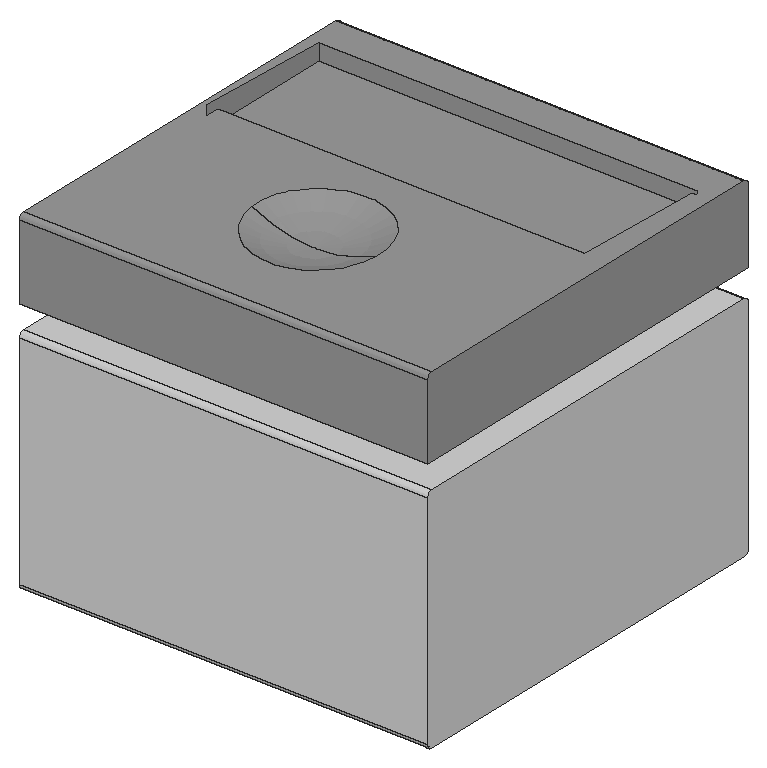
Revit family "Domotics-DomesticRanges-GEWISS-SYSTEM_COMMAND-PUSH-BUTTON_NAME_PLATE", category Apparecchi elettrici, host Superficie, Revit 2016
Family settings
  Host = Superficie
  Mantenere orientamento annotazione = Sì
  Tipo di parte = Normale
  Quota connettore circolare = Usa diametro
  Numero OmniClass = 23.80.50.11.14
  Titolo OmniClass = Switches
  Taglio con vuoti quando caricato = Sì
  Condiviso = Sì
  Punto di calcolo locali = Sì
Parameters (values of type "GW21591 - Push-button-name plate 2M illum.black")
  Voltage: = "250 V ac"
  Voltage = "250 V ac"
  Volt = 230 V
  Vista di pianta [instance] = yes
  Version file RFA = "19.4"
  URL = "https://www.gewiss.com/ww/en"
  Type: = "Name plate"
  Type of lamp = "Cartridge lamp S6x36 mm"
  Type = "Illuminable"
  Tipo_ = SYSTEM PULSANTI TARGA_BASE : NERO 2P
  Technical sheet = "https://www.gewiss.com/ww/en/search?q=GW21591"
  Simbolo = SIMBOLO PULSANTI : TARGA
  SIMBOLO [instance] = yes
  SEO = "Push button"
  Realized by GEWISS S.p.A. = ""
  Produttore = "GEWISS S.p.A."
  Offset pulsante [instance] = 0 mm
  Offset bidimensionale [instance] = 2 mm
  No. SYSTEM modules = "2"
  N. poli = 1
  Modello = "GW21591"
  Larghezza pulsante = 46 mm
  Lamp voltage: = "12-24V"
  Lamp voltage = "12-24V ac/dc"
  Lamp power = "2W"
  Lamp = "Cartridge lamp S6x36 mm"
  IFC.TypeObject = ""
  IFC.ExportType = ""
  IFC.ExportAs = ""
  IDT = "acf20124-4b05-42a8-9547-f2406c89ff56"
  IDF = "809d39ac-d065-436b-a420-7a8d7026f49b"
  Electrocod = "0130"
  EAN code = "8011564128194"
  Distanza_x [instance] = 0 mm
  Distanza_effettiva_x [instance] = 1500 mm - Distanza_x  # 1500 mm
  Default Elevation = 1219.2 mm
  Immagine tipo = GW21591.jpg
  Descrizione = "PUSH-BUTTON-NAME PLATE 2M ILLUM.SY/BK"
  Description: = "1P NO - 10A"
  Description. = "Push-button with name plate"
  Colour = "Black"
  Catalogue Range = "SYSTEM - DOMESTIC RANGE"
  Catalogue = "DOMOTICS"
  Carico apparente = 0 VA
  COBie.Tagnumber = ""
  COBie.CreatedOn = ""
  COBie.CreatebBy = ""
  COBie.ComponentRegisterItemID = ""
  COBie.Component.TagNumber = ""
  COBie.Component.Space = ""
  COBie.Component.SerialNumber = ""
  COBie.Component.InstallationDate = ""
  COBie.Component.Description = ""
  COBie.Component.BarCode = ""
  Bidimensionale = BIDIMENSIONALE SYSTEM PULSANTE TARGA : 2P
Types (4, lengths in mm): name | Tipo_ | Technical sheet | No. SYSTEM modules | Modello | Larghezza pulsante | IDT | EAN code | Immagine tipo | Descrizione | Colour | Bidimensionale
  GW20024 - Push-button-name plate 3M illum.white | SYSTEM PULSANTI TARGA_BASE : BIANCO 3P | "https://www.gewiss.com/ww/en/search?q=GW20024" | "3" | "GW20024" | 69 | "78bcbdfa-b7b6-4cfa-bead-58ad2d1fb41a" | "8011564000346" | GW20024.jpg | "PUSH-BUTTON-NAME PLATE 3M ILLUM.SY/WT" | "White" | BIDIMENSIONALE SYSTEM PULSANTE TARGA : 3P
  GW20591 - Push-button-name plate 2M illum.white | SYSTEM PULSANTI TARGA_BASE : BIANCO 2P | "https://www.gewiss.com/ww/en/search?q=GW20591" | "2" | "GW20591" | 46 | "3122636b-d880-4fd5-a840-09e9bc484eae" | "8011564077379" | GW20591.jpg | "PUSH-BUTTON-NAME PLATE 2M ILLUM.SY/WT" | "White" | BIDIMENSIONALE SYSTEM PULSANTE TARGA : 2P
  GW21024 - Push-button-name plate 3M illum.black | SYSTEM PULSANTI TARGA_BASE : NERO 3P | "https://www.gewiss.com/ww/en/search?q=GW21024" | "3" | "GW21024" | 69 | "a7fdca59-c0ce-4ef8-8154-61aea7f242cd" | "8011564128200" | GW21024.jpg | "PUSH-BUTTON-NAME PLATE 3M ILLUM.SY/BK" | "Black" | BIDIMENSIONALE SYSTEM PULSANTE TARGA : 3P
  GW21591 - Push-button-name plate 2M illum.black | SYSTEM PULSANTI TARGA_BASE : NERO 2P | "https://www.gewiss.com/ww/en/search?q=GW21591" | "2" | "GW21591" | 46 | "acf20124-4b05-42a8-9547-f2406c89ff56" | "8011564128194" | GW21591.jpg | "PUSH-BUTTON-NAME PLATE 2M ILLUM.SY/BK" | "Black" | BIDIMENSIONALE SYSTEM PULSANTE TARGA : 2P
Reference planes
  plane 1 "Centro (Fronte/Retro)": y = 0
  plane 2: z = 0
  plane 3 "Centro (Sinistra/Destra)": x = 0
  plane 4: z = 0
  plane 5 "piano bidimensionale": z = 38.414
  plane 6: x = -23
  plane 7: x = 23
  plane 8: z = 39
  plane 9: x = -1500
  plane 10: x = 0
  plane 11: z = 36.414
Lines and regions (mm)
  Masking region 1, visible <- "Vista di pianta"
    outline origin (0, 0, 0) x (1, 0, 0) y (0, 0, 1)
      loop
        line (-23, 38.919) -> (-23, 0) -> (23, 0) -> (23, 38.919) -> (-23, 38.919)
  Masking region 2, visible <- "Vista di pianta"
    outline origin (0, 0, 0) x (1, 0, 0) y (0, 1, 0)
      loop
        line (-23, 22.5) -> (-23, -22.5) -> (23, -22.5) -> (23, 22.5) -> (-23, 22.5)
      loop
        line (-21.324, 17.491) -> (-21.324, 1.676) -> (21.324, 1.676) -> (21.324, 17.491) -> (-21.324, 17.491)
  Masking region 3, visible <- "Vista di pianta"
    outline origin (0, 0, 0) x (0, 1, 0) y (0, 0, 1)
      loop
        line (-22.509, 36.414) -> (-22.509, 0) -> (22.509, 0) -> (22.509, 36.414) -> (-22.509, 36.414)
Dimensions and locks
  "Offset pulsante": plane 4 to host face
  "Larghezza pulsante": plane 6 to plane 7
  equal spacing: plane 6, plane 3 "Centro (Sinistra/Destra)", plane 7
  locked: plane 8 to plane 4 at 39
  plane 9 to plane 3 "Centro (Sinistra/Destra)" = 1500 mm
  "Distanza_effettiva_x": plane 9 to plane 10
  plane 11 to plane 4 = 36.414 mm
  "Offset bidimensionale": plane 5 "piano bidimensionale" to plane 11
  aligned and locked: plane 2 to host face
  aligned and locked: level to host face
  aligned and locked: plane 3 "Centro (Sinistra/Destra)" to nested 1
  aligned and locked: plane 1 "Centro (Fronte/Retro)" to nested 2
  aligned and locked: plane 5 "piano bidimensionale" to nested 1
  aligned and locked: nested 2 to plane 4
  aligned and locked: nested 2 to nested 1
  aligned and locked: Masking region 1 sketch curve to nested 2  (x2)
  aligned and locked: plane 4 to Masking region 1 sketch curve
  aligned and locked: plane 10 to nested 3
  aligned and locked: Masking region 2 sketch curve to nested 1  (x7)
  aligned and locked: Masking region 3 sketch curve to nested 2  (x3)
  aligned and locked: plane 4 to Masking region 3 sketch curve
  aligned and locked: plane 11 to nested 2
Automatic sketch dimensions
  host sketch curve to host sketch curve = 2438.4 mm  (x2)
  Masking region 1 sketch curve to plane 8 = 0.081 mm
  Masking region 2 sketch curve to plane 7 = 0 mm
Nested families
  nested 1: "BIDIMENSIONALE SYSTEM PULSANTE TARGA" at (0, 0, 38.414), type <- "Bidimensionale", type "2P", detail levels coarse
  nested 2: "SYSTEM PULSANTI TARGA_BASE" at (0, 0, 0), type <- "Tipo_", type "NERO 2P", detail levels medium+fine
  nested 3: "SIMBOLO PULSANTI" at (0, 100, 0), type <- "Simbolo", SIMBOLO <- "SIMBOLO", visible <- "SIMBOLO", type "TARGA"
    with TESTO ELETTRICO "", SIMBOLO yes, Distanza dal muro 4.208 mm, BORDO ACCESO no
Connectors
  electrical at (0, 0, 20), driven by "N. poli", driven by "Volt", driven by "Carico apparente"
    settings: on nested 2, index 1, voltage 230 V, apparent load 0 VA, apparent load phase1 0 VA, apparent load phase2 0 VA, apparent load phase3 0 VA, power factor 1, load classification "Other", number of poles 1, system type 31, power factor state 1, is connector primary yes, connector utility no, sub classification motor no, connector description ""
Definition of nested family "SYSTEM PULSANTI TARGA_BASE"
  Parameters (values of type "BIANCO 2P")
    Vetrino = none
    Supporto = none
    Struttura = none
    Pulsante = none
    Profondità supporto = 26 mm  # constant formula
    Larghezza pulsante = 46 mm
    Bidimensionale = 36.414 mm
    Altezza pulsante = 45 mm
    3P = no
    2P = yes
  Types (4, lengths in mm): name | Larghezza pulsante | Altezza pulsante | 3P | 2P
    NERO 2P | 46 | 45.018 | no | yes
    BIANCO 3P | 69 | 45.018 | yes | no
    BIANCO 2P | 46 | 45 | no | yes
    NERO 3P | 69 | 45 | yes | no
  Reference planes
    plane 1 "Centro (Fronte/Retro)": y = 0
    plane 2: z = 0
    plane 3 "Centro (Sinistra/Destra)": x = 0
    plane 4: y = -22.5
    plane 5: y = 22.5
    plane 6: x = -23
    plane 7: x = 23
    plane 8 "PIANO BIDIMENSIONALE": z = 36.414
    plane 9: x = -21.324
    plane 10: x = 21.324
    plane 11: y = 1.676
    plane 12: y = 17.491
    plane 13: z = 26
    plane 14: x = -7.432
    plane 15: x = 7.432
    plane 16 "REVOLVE": y = -9.794
    plane 17: y = -17.491
  Forms (mm)
    Extrusion 1, solid, material <- "Pulsante", visible <- "2P", detail levels medium+fine
      sketch origin (0, 0, 0) x (0, 1, 0) y (0, 0, 1)
        loop
          line (-22.5, 37.418) -> (-22.5, 28.918) -> (3, 28.918) -> (22.5, 28.918) -> (22.5, 37.418)
          arc (22.5, 37.418) -> (22.354, 37.772) -> (22, 37.918) r 0.5
          arc (22, 37.918) -> (0, 38.919) -> (-22, 37.918) r 242.438
          arc (-22, 37.918) -> (-22.354, 37.772) -> (-22.5, 37.418) r 0.5
      from -23 to 23
    Extrusion 2, void
      sketch origin (0, 0, 36.414) x (-1, 0, 0) y (0, -1, 0)
        loop
          line (21.324, -17.491) -> (21.324, -1.676) -> (-21.324, -1.676) -> (-21.324, -17.491) -> (21.324, -17.491)
      from 0 to 8.318
    Extrusion 3, solid, material <- "Struttura", detail levels medium+fine
      sketch origin (0, 0, 0) x (0, 1, 0) y (0, 0, 1)
        loop
          line (22.5, 0.5) -> (22.5, 25.5)
          arc (22.5, 25.5) -> (22.354, 25.854) -> (22, 26) r 0.5
          line (22, 26) -> (-22, 26)
          arc (-22, 26) -> (-22.354, 25.854) -> (-22.5, 25.5) r 0.5
          line (-22.5, 25.5) -> (-22.5, 0.5)
          arc (-22.5, 0.5) -> (-22.354, 0.146) -> (-22, 0) r 0.5
          line (-22, 0) -> (22, 0)
          arc (22, 0) -> (22.354, 0.146) -> (22.5, 0.5) r 0.5
      from -23 to 23
    Revolve 4, void
      sketch origin (0, -9.794, 0) x (-1, 0, 0) y (0, 0, 1)
        loop
          line (7.432, 38.913) -> (0, 38.913) -> (0, 37.066)
          arc (0, 37.066) -> (3.834, 37.513) -> (7.432, 38.913) r 15.188
        axis (0, 37.066) -> (0, 38.913)
      angle from 0 to 360
    Extrusion 5, solid, material <- "Pulsante", visible <- "3P", detail levels medium+fine
      sketch origin (0, 0, 0) x (0, 1, 0) y (0, 0, 1)
        loop
          line (-22.5, 37.418) -> (-22.5, 28.918) -> (3.009, 28.918) -> (22.518, 28.918) -> (22.518, 37.418)
          arc (22.518, 37.418) -> (22.372, 37.772) -> (22.018, 37.918) r 0.5
          arc (22.018, 37.918) -> (0.009, 38.919) -> (-22, 37.918) r 242.439
          arc (-22, 37.918) -> (-22.354, 37.772) -> (-22.5, 37.418) r 0.5
      from -23 to 23
  Cuts and joins
    Extrusion 2, Revolve 4 cuts Extrusion 1
    Extrusion 2 cuts Extrusion 5
  Lines and regions (mm)
    Masking region 1
      outline origin (0, 0, 36.414) x (-1, 0, 0) y (0, -1, 0)
        loop
          line (23, -22.5) -> (23, 22.5) -> (-23, 22.5) -> (-23, -22.5) -> (23, -22.5)
    Masking region 2, visible <- "2P"
      outline origin (0, 0, 36.414) x (-1, 0, 0) y (0, -1, 0)
        loop
          line (23, -22.5) -> (23, 22.5) -> (-23, 22.5) -> (-23, -22.5) -> (23, -22.5)
        loop
          line (21.324, -17.491) -> (21.324, -1.676) -> (-21.324, -1.676) -> (-21.324, -17.491) -> (21.324, -17.491)
        loop
          spline (7.093, 9.645) -> (6.732, 11.368) -> (5.959, 12.949) -> (4.821, 14.292) -> (3.388, 15.315) -> (1.748, 15.955) -> (0, 16.173) -> (-1.748, 15.955) -> (-3.388, 15.315) -> (-4.822, 14.292) -> (-5.959, 12.949) -> (-6.732, 11.367) -> (-7.093, 9.645)
          spline (-7.093, 9.645) -> (-6.896, 7.77) -> (-6.212, 6.014) -> (-5.09, 4.499) -> (-3.607, 3.333) -> (-1.869, 2.6) -> (0, 2.349) -> (1.87, 2.6) -> (3.607, 3.334) -> (5.09, 4.499) -> (6.213, 6.014) -> (6.896, 7.771) -> (7.093, 9.645)
    Masking region 3, visible <- "2P"
      outline origin (0, 0, 36.414) x (-1, 0, 0) y (0, -1, 0)
        loop
          line (21.324, -17.491) -> (21.324, -1.676) -> (-21.324, -1.676) -> (-21.324, -17.491) -> (21.324, -17.491)
    Masking region 4, visible <- "3P"
      outline origin (0, 0, 36.414) x (-1, 0, 0) y (0, -1, 0)
        loop
          line (23, -22.5) -> (23, 22.5) -> (-23, 22.5) -> (-23, -22.5) -> (23, -22.5)
        loop
          line (21.324, -17.491) -> (21.324, 17.491) -> (-21.324, 17.491) -> (-21.324, -17.491) -> (21.324, -17.491)
    Masking region 5, visible <- "3P"
      outline origin (0, 0, 36.414) x (-1, 0, 0) y (0, -1, 0)
        loop
          line (21.324, -17.491) -> (21.324, 17.491) -> (-21.324, 17.491) -> (-21.324, -17.491) -> (21.324, -17.491)
    Masking region 6, visible <- "2P"
      outline origin (0, 0, 36.414) x (-1, 0, 0) y (0, -1, 0)
        loop
          arc (7.094, 9.642) -> (0, 16.173) -> (-7.094, 9.641) r 7.118
          arc (-7.094, 9.641) -> (0, 2.348) -> (7.094, 9.642) r 7.096
  Dimensions and locks
    equal spacing: plane 4, plane 1 "Centro (Fronte/Retro)", plane 5
    plane 4 to plane 5 = 45 mm
    equal spacing: plane 6, plane 3 "Centro (Sinistra/Destra)", plane 7
    "Larghezza pulsante": plane 6 to plane 7
    equal spacing: plane 5, plane 1 "Centro (Fronte/Retro)", plane 4
    "Altezza pulsante": plane 5 to plane 4
    "Bidimensionale": plane 8 "PIANO BIDIMENSIONALE" to level
    equal spacing: plane 9, plane 3 "Centro (Sinistra/Destra)", plane 10
    locked: plane 5 to plane 12 at 5.009
    locked: plane 6 to plane 9 at 1.676
    "Profondità supporto": plane 13 to plane 2
    equal spacing: plane 12, plane 1 "Centro (Fronte/Retro)", plane 17
    aligned and locked: level to plane 2
    aligned and locked: Extrusion 1 to plane 6
    aligned and locked: plane 7 to Extrusion 1
    aligned and locked: Masking region 2 sketch curve to cut or joined group of Extrusion 1, Extrusion 2, Revolve 4  (x4)
    aligned and locked: Masking region 3 sketch curve to cut or joined group of Extrusion 1, Extrusion 2, Revolve 4  (x3)
    aligned and locked: Extrusion 1 sketch curve to plane 5
    aligned and locked: Extrusion 3 to plane 4
    aligned and locked: plane 5 to Extrusion 3
    aligned and locked: Extrusion 3 to plane 6
    aligned and locked: plane 7 to Extrusion 3
    aligned and locked: plane 7 to Extrusion 5
    aligned and locked: Extrusion 5 to plane 6
    aligned and locked: Masking region 2 to plane 12
    aligned and locked: plane 12 to Masking region 3
    aligned and locked: Masking region 4 sketch curve to Masking region 1  (x4)
    aligned and locked: Masking region 4 sketch curve to cut or joined group of Extrusion 1, Extrusion 2, Revolve 4
    aligned and locked: Masking region 5 sketch curve to cut or joined group of Extrusion 1, Extrusion 2, Revolve 4
    aligned and locked: Masking region 5 sketch curve to cut or joined group of Extrusion 2, Extrusion 5
  Automatic sketch dimensions
    Masking region 1 sketch curve to plane 5 = 0 mm
    Masking region 1 sketch curve to plane 7 = 0 mm
    Masking region 1 sketch curve to plane 4 = 0 mm
    Masking region 1 sketch curve to plane 6 = 0 mm
    Extrusion 2 sketch curve to plane 10 = 0 mm
    Extrusion 2 sketch curve to plane 9 = 0 mm
    Extrusion 2 sketch curve to plane 12 = 0 mm
    plane 11 to Extrusion 2 sketch curve = 0 mm
    Masking region 2 sketch curve to plane 5 = 0 mm
    Masking region 2 sketch curve to plane 7 = 0 mm
    Masking region 2 sketch curve to plane 6 = 0 mm
    Masking region 2 sketch curve to plane 4 = 0 mm
    Masking region 3 sketch curve to plane 12 = 0 mm
    Extrusion 3 sketch curve to plane 4 = 0 mm
    Extrusion 3 sketch curve to level = 0 mm
    Extrusion 3 sketch curve to plane 13 = 0 mm
    Extrusion 3 sketch curve to plane 5 = 0 mm
    level to Extrusion 3 sketch curve = 0.5 mm  (x2)
    plane 4 to Extrusion 3 sketch curve = 0.5 mm
    Extrusion 3 sketch curve to Extrusion 3 sketch curve = 0.5 mm
    Revolve 4 sketch curve to plane 3 "Centro (Sinistra/Destra)" = 0 mm  (x2)
    Revolve 4 sketch curve to plane 14 = 0 mm
    Revolve 4 sketch curve to plane 3 "Centro (Sinistra/Destra)" = 0.172 mm
    plane 8 "PIANO BIDIMENSIONALE" to Revolve 4 sketch curve = 0.652 mm
    Revolve 4 sketch curve to Revolve 4 sketch curve = 1.847 mm
    Revolve 4 sketch curve to Revolve 4 sketch curve = 0 mm  (x2)
    Masking region 2 sketch curve to plane 15 = 0.315 mm
    plane 16 "REVOLVE" to Masking region 2 sketch curve = 0.149 mm
    Masking region 2 sketch curve to Masking region 2 sketch curve = 0.024 mm
    Masking region 2 sketch curve to plane 3 "Centro (Sinistra/Destra)" = 0 mm  (x2)
    plane 14 to Masking region 2 sketch curve = 0.336 mm
    Masking region 2 sketch curve to Masking region 2 sketch curve = 0.583 mm
    Masking region 2 sketch curve to Masking region 2 sketch curve = 0.377 mm
    Masking region 6 sketch curve to plane 3 "Centro (Sinistra/Destra)" = 0 mm  (x2)
    plane 16 "REVOLVE" to Masking region 6 sketch curve = 0.739 mm
    plane 16 "REVOLVE" to Masking region 6 sketch curve = 0.35 mm
    plane 16 "REVOLVE" to Masking region 6 sketch curve = 0.153 mm
    Masking region 6 sketch curve to plane 15 = 0.338 mm
    Extrusion 5 sketch curve to plane 4 = 0 mm
    plane 4 to Extrusion 5 sketch curve = 0.5 mm
    Extrusion 5 sketch curve to plane 1 "Centro (Fronte/Retro)" = 0.009 mm
    Extrusion 5 sketch curve to plane 5 = 0.482 mm
    plane 5 to Extrusion 5 sketch curve = 0.018 mm
    Extrusion 5 sketch curve to level = 203.52 mm
    plane 13 to Extrusion 5 sketch curve = 2.918 mm
    plane 8 "PIANO BIDIMENSIONALE" to Extrusion 5 sketch curve = 1.004 mm
    Extrusion 5 sketch curve to plane 11 = 1.333 mm
    Extrusion 1 sketch curve to plane 4 = 0 mm
    Extrusion 1 sketch curve to plane 1 "Centro (Fronte/Retro)" = 0 mm
    plane 4 to Extrusion 1 sketch curve = 0.5 mm
    Extrusion 1 sketch curve to Extrusion 1 sketch curve = 0.5 mm
    Extrusion 1 sketch curve to level = 203.52 mm
    plane 13 to Extrusion 1 sketch curve = 2.918 mm
    plane 8 "PIANO BIDIMENSIONALE" to Extrusion 1 sketch curve = 1.004 mm
    Extrusion 1 sketch curve to plane 11 = 1.324 mm
    Masking region 4 sketch curve to plane 10 = 0 mm
    plane 17 to Masking region 4 sketch curve = 0 mm
    plane 17 to Masking region 5 sketch curve = 0 mm
    Masking region 4 sketch curve to plane 9 = 0 mm
    Masking region 5 sketch curve to plane 9 = 0 mm
Definition of nested family "BIDIMENSIONALE SYSTEM PULSANTE TARGA"
  Parameters (values of type "2P")
    Larghezza pulsante = 46 mm
    Altezza vetro = 15.815 mm
    2P = yes
  Types (2, lengths in mm): name | Larghezza pulsante | Altezza vetro | 2P
    2P | 46 | 15.815 | yes
    3P | 69 | 35 | no
  Reference planes
    plane 1 "Centro (Fronte/Retro)": y = 0
    plane 2: z = 0
    plane 3 "Centro (Sinistra/Destra)": x = 0
    plane 4: x = -23
    plane 5: x = 23
    plane 6: y = 22.5
    plane 7: y = -22.5
    plane 8: x = -21.324
    plane 9: x = 21.324
    plane 10: y = 17.491
    plane 11: y = 1.676
    plane 12: y = -17.491
  Lines and regions (mm)
    model lines
      curve 1: line (-23, 22.5, 0) -> (23, 22.5, 0)
      curve 2: line (-23, -22.5, 0) -> (-23, 22.5, 0)
      curve 3: line (23, -22.5, 0) -> (-23, -22.5, 0)
      curve 4: line (23, 22.5, 0) -> (23, -22.5, 0)
      curve 5: line (-21.324, 17.491, 0) -> (21.324, 17.491, 0)
      curve 6: line (-21.324, 1.676, 0) -> (-21.324, 17.491, 0)
      curve 7: line (21.324, 1.676, 0) -> (-21.324, 1.676, 0)
      curve 8: line (21.324, 17.491, 0) -> (21.324, 1.676, 0)
    model lines, visible <- "2P"
      curve 9: arc (-7.094, -9.642, 0) -> (0, -2.348, 0) -> (7.094, -9.641, 0) r 7.096
      curve 10: arc (7.094, -9.641, 0) -> (0, -16.173, 0) -> (-7.094, -9.642, 0) r 7.118
  Dimensions and locks
    equal spacing: plane 4, plane 3 "Centro (Sinistra/Destra)", plane 5  (x2)
    plane 4 to plane 5 = 46 mm
    equal spacing: plane 6, plane 1 "Centro (Fronte/Retro)", plane 7
    "Larghezza pulsante": plane 4 to plane 5
    equal spacing: plane 8, plane 3 "Centro (Sinistra/Destra)", plane 9
    locked: plane 4 to plane 8 at 1.676
    locked: plane 10 to plane 6 at 5.009
    "Altezza vetro": plane 11 to plane 10
    aligned and locked: level to plane 2
    aligned and locked: curve 1 to plane 6
    aligned and locked: plane 4 to curve 2
    aligned and locked: plane 7 to curve 3
    aligned and locked: curve 4 to plane 5
    aligned and locked: plane 10 to curve 5
    aligned and locked: plane 8 to curve 6
    aligned and locked: curve 7 to plane 11
    aligned and locked: curve 8 to plane 9
  Automatic sketch dimensions
    curve 10 to plane 3 "Centro (Sinistra/Destra)" = 0 mm
    curve 9 to plane 3 "Centro (Sinistra/Destra)" = 0 mm
    curve 9 to plane 12 = 8.046 mm
    curve 9 to curve 10 = 0.389 mm
    curve 10 to plane 3 "Centro (Sinistra/Destra)" = 7.094 mm
    plane 3 "Centro (Sinistra/Destra)" to curve 9 = 7.094 mm
Definition of nested family "SIMBOLO PULSANTI"
  Parameters (values of type "PULSANTE")
    TESTO ELETTRICO [instance] = ""
    Simbolo = SIMBOLO PULSANTI_BASE : PULSANTE
    SIMBOLO [instance] = yes
    Distanza dal muro [instance] = 4.208 mm
    BORDO ACCESO [instance] = yes
  Types (8, lengths in mm): name | TESTO ELETTRICO | Simbolo
    PULSANTE | "" | SIMBOLO PULSANTI_BASE : PULSANTE
    PULSTIRANTE | "" | SIMBOLO PULSANTI_BASE : PULSTIRANTE
    PULSCHIAVE | "" | SIMBOLO PULSANTI_BASE : PULSCHIAVE
    TARGA | "" | SIMBOLO PULSANTI_BASE : TARGA
    RRNC | "A" | SIMBOLO PULSANTI_BASE : RRNC
    MARNO | "M" | SIMBOLO PULSANTI_BASE : MARNO
    LUM | "" | SIMBOLO PULSANTI_BASE : LUM
    DOPPIO | "" | SIMBOLO PULSANTI_BASE : DOPPIO
  Reference planes
    plane 1: y = 0
    plane 2: x = 0
  Lines and regions (mm)
    detail lines, visible <- "BORDO ACCESO", not visible
      curve 1: line (-2.25, 0.412, 0) -> (2.25, 0.412, 0)
      curve 2: line (2.25, 0.412, 0) -> (2.25, -5.588, 0)
      curve 3: line (2.25, -5.588, 0) -> (-2.25, -5.588, 0)
      curve 4: line (-2.25, -5.588, 0) -> (-2.25, 0.412, 0)
      curve 30: line (-1.85, 0.012, 0) -> (1.85, 0.012, 0)
      curve 31: line (1.85, 0.012, 0) -> (1.85, -5.188, 0)
      curve 32: line (1.85, -5.188, 0) -> (-1.85, -5.188, 0)
      curve 33: line (-1.85, -5.188, 0) -> (-1.85, 0.012, 0)
      curve 34: line (-2.25, 6, 0) -> (2.25, 6, 0)
      curve 35: line (2.25, 6, 0) -> (2.25, 0, 0)
      curve 36: line (2.25, 0, 0) -> (-2.25, 0, 0)
      curve 37: line (-2.25, 0, 0) -> (-2.25, 6, 0)
      curve 61: line (-1.85, 5.6, 0) -> (1.85, 5.6, 0)
      curve 62: line (1.85, 5.6, 0) -> (1.85, 0.4, 0)
      curve 63: line (1.85, 0.4, 0) -> (-1.85, 0.4, 0)
      curve 64: line (-1.85, 0.4, 0) -> (-1.85, 5.6, 0)
      curve 65: line (-2.443, 10.208, 0) -> (2.057, 10.208, 0)
      curve 66: line (2.057, 10.208, 0) -> (2.057, 4.208, 0)
      curve 67: line (2.057, 4.208, 0) -> (-2.443, 4.208, 0)
      curve 68: line (-2.443, 4.208, 0) -> (-2.443, 10.208, 0)
      curve 69: line (-2.043, 9.808, 0) -> (1.657, 9.808, 0)
      curve 70: line (1.657, 9.808, 0) -> (1.657, 4.608, 0)
      curve 71: line (1.657, 4.608, 0) -> (-2.043, 4.608, 0)
      curve 72: line (-2.043, 4.608, 0) -> (-2.043, 9.808, 0)
    detail lines, not visible
      curve 5: line (-9.473, -5.588, 0) -> (10.527, -5.588, 0)
      curve 6: circle (-0.56, -0.487, 0) r 0.969 normal (0, 0, 1)
      curve 7: line (-0.005, 0.306, 0) -> (0.852, 1.529, 0)
      curve 8: line (0.852, 1.529, 0) -> (1.529, 1.047, 0)
      curve 9: circle (-0.56, -315.487, 0) r 0.969 normal (0, 0, 1)
      curve 10: line (-0.005, -314.694, 0) -> (0.852, -313.471, 0)
      curve 11: line (0.852, -313.471, 0) -> (1.529, -313.953, 0)
      curve 12: line (-1.245, -314.803, 0) -> (0.124, -316.172, 0)
      curve 13: line (0.124, -314.803, 0) -> (-1.245, -316.172, 0)
      curve 14: circle (-0.56, -480.487, 0) r 0.969 normal (0, 0, 1)
      curve 15: line (-0.005, -479.694, 0) -> (0.852, -478.471, 0)
      curve 16: line (0.852, -478.471, 0) -> (1.529, -478.953, 0)
      curve 17: line (0.493, -478.983, 0) -> (1.167, -479.462, 0)
      curve 18: circle (-0.56, -880.487, 0) r 0.969 normal (0, 0, 1)
      curve 19: line (-0.005, -879.694, 0) -> (0.852, -878.471, 0)
      curve 20: line (0.852, -878.471, 0) -> (1.529, -878.953, 0)
      curve 21: line (-1.245, -879.803, 0) -> (0.124, -881.172, 0)
      curve 22: line (0.124, -879.803, 0) -> (-1.245, -881.172, 0)
      curve 23: line (0.493, -878.983, 0) -> (1.167, -879.462, 0)
      curve 24: circle (-0.56, -365.487, 0) r 0.969 normal (0, 0, 1)
      curve 25: line (-0.005, -364.694, 0) -> (0.852, -363.471, 0)
      curve 26: line (0.852, -363.471, 0) -> (1.529, -363.953, 0)
      curve 27: line (-0.56, -364.925, 0) -> (-0.56, -366.05, 0)
      curve 28: line (0.493, -363.983, 0) -> (1.167, -364.462, 0)
      curve 29: line (0, 3.621, 0) -> (0, -16.379, 0)
      curve 38: circle (-0.56, 2.417, 0) r 0.969 normal (0, 0, 1)
      curve 39: line (-0.005, 3.21, 0) -> (0.852, 4.433, 0)
      curve 40: line (0.852, 4.433, 0) -> (1.529, 3.951, 0)
      curve 41: circle (-0.56, 2.417, 0) r 0.969 normal (0, 0, 1)
      curve 42: line (-0.005, 3.21, 0) -> (0.852, 4.433, 0)
      curve 43: line (0.852, 4.433, 0) -> (1.529, 3.951, 0)
      curve 44: line (-1.245, 3.102, 0) -> (0.124, 1.732, 0)
      curve 45: line (0.124, 3.102, 0) -> (-1.245, 1.732, 0)
      curve 46: circle (-0.56, 2.417, 0) r 0.969 normal (0, 0, 1)
      curve 47: line (-0.005, 3.21, 0) -> (0.852, 4.433, 0)
      curve 48: line (0.852, 4.433, 0) -> (1.529, 3.951, 0)
      curve 49: circle (-0.56, 2.417, 0) r 0.969 normal (0, 0, 1)
      curve 50: line (-0.005, 3.21, 0) -> (0.852, 4.433, 0)
      curve 51: line (0.852, 4.433, 0) -> (1.529, 3.951, 0)
      curve 52: line (-1.245, 3.102, 0) -> (0.124, 1.732, 0)
      curve 53: line (0.124, 3.102, 0) -> (-1.245, 1.732, 0)
      curve 54: line (0.493, 3.921, 0) -> (1.167, 3.442, 0)
      curve 55: line (0.493, 3.921, 0) -> (1.167, 3.442, 0)
      curve 56: circle (-0.56, 2.417, 0) r 0.969 normal (0, 0, 1)
      curve 57: line (-0.005, 3.21, 0) -> (0.852, 4.433, 0)
      curve 58: line (0.852, 4.433, 0) -> (1.529, 3.951, 0)
      curve 59: line (-0.56, 2.979, 0) -> (-0.56, 1.854, 0)
      curve 60: line (0.493, 3.921, 0) -> (1.167, 3.442, 0)
      curve 73: line (-1.644, 2.848, 0) -> (1.644, 2.848, 0)
      curve 74: line (-1.644, 0.61, 0) -> (-1.644, 2.848, 0)
      curve 75: line (1.644, 0.61, 0) -> (-1.644, 0.61, 0)
      curve 76: line (1.644, 2.848, 0) -> (1.644, 0.61, 0)
      curve 77: line (-1.325, 0.987, 0) -> (1.325, 0.987, 0)
      curve 78: circle (0, 1.912, 0) r 0.5 normal (0, 0, 1)
      curve 79: circle (0, 1.912, 0) r 0.8 normal (0, 0, 1)
      curve 80: line (-1.325, 0.987, 0) -> (1.325, 0.987, 0)
      curve 81: line (-0.354, 2.265, 0) -> (0.354, 1.558, 0)
      curve 82: line (0.354, 2.265, 0) -> (-0.354, 1.558, 0)
  Dimensions and locks
    aligned and locked: curve 5 to curve 3
    aligned and locked: plane 2 to nested 1
    aligned and locked: plane 1 to nested 1
  Nested families
    nested 1: "SIMBOLO PULSANTI_BASE" at (0, 0, 0), BORDO ACCESO <- "BORDO ACCESO", type <- "Simbolo", TESTO ELETTRICO <- "TESTO ELETTRICO", visible <- "SIMBOLO", type "PULSANTE"
      with TESTO ELETTRICO "", BORDO ACCESO yes
  Definition of nested family "SIMBOLO PULSANTI_BASE"
    Parameters (values of type "RRNC")
      TEXT = yes
      TESTO ELETTRICO [instance] = ""
      TARGA = no
      PULSANTECHIAVE = no
      PULSTIRANTE = no
      PULSANTE = yes
      LUM = no
      DOPPIO = no
      BORDO ACCESO [instance] = yes
    Types (8, lengths in mm): name | TEXT | TARGA | PULSANTECHIAVE | PULSTIRANTE | PULSANTE | LUM | DOPPIO
      PULSANTE | no | no | no | no | yes | no | no
      PULSTIRANTE | no | no | no | yes | yes | no | no
      PULSCHIAVE | no | no | yes | no | yes | no | no
      TARGA | no | yes | no | no | no | no | no
      RRNC | yes | no | no | no | yes | no | no
      MARNO | yes | no | no | no | yes | no | no
      LUM | no | no | no | no | no | yes | no
      DOPPIO | no | no | no | no | no | no | yes
    Reference planes
      plane 1: y = 0
      plane 2: x = 0
    Lines and regions (mm)
      detail lines, visible <- "PULSANTE"
        curve 1: circle (0, 1.258, 0) r 0.527 normal (0, 0, 1)
        curve 11: circle (0, 1.258, 0) r 0.394 normal (0, 0, 1)
      detail lines, visible <- "BORDO ACCESO", not visible
        curve 2: line (-1.943, 9.208, 0) -> (1.857, 9.208, 0)
        curve 3: line (1.857, 9.208, 0) -> (1.857, 4.208, 0)
        curve 4: line (1.857, 4.208, 0) -> (-1.943, 4.208, 0)
        curve 5: line (-1.943, 4.208, 0) -> (-1.943, 9.208, 0)
        curve 6: line (-1.743, 9.008, 0) -> (1.657, 9.008, 0)
        curve 7: line (1.657, 9.008, 0) -> (1.657, 4.408, 0)
        curve 8: line (1.657, 4.408, 0) -> (-1.743, 4.408, 0)
        curve 9: line (-1.743, 4.408, 0) -> (-1.743, 9.008, 0)
      detail lines, visible <- "PULSANTECHIAVE"
        curve 10: line (0, 1.559, 0) -> (0, 0.929, 0)
      detail lines, visible <- "PULSTIRANTE"
        curve 12: line (0, 0.732, 0) -> (0, 0.441, 0)
        curve 13: line (-0.162, 0.441, 0) -> (0.162, 0.441, 0)
        curve 14: line (-0.162, 0.441, 0) -> (0, 0.16, 0)
        curve 15: line (0, 0.16, 0) -> (0.162, 0.441, 0)
      detail lines, visible <- "TARGA"
        curve 16: line (-0.866, 1.843, 0) -> (0.866, 1.843, 0)
        curve 17: line (-0.866, 0.665, 0) -> (-0.866, 1.843, 0)
        curve 18: line (0.866, 0.665, 0) -> (-0.866, 0.665, 0)
        curve 19: line (0.866, 1.843, 0) -> (0.866, 0.665, 0)
        curve 20: line (-0.698, 0.863, 0) -> (0.698, 0.863, 0)
        curve 21: circle (0, 1.35, 0) r 0.263 normal (0, 0, 1)
        curve 22: circle (0, 1.35, 0) r 0.421 normal (0, 0, 1)
        curve 23: line (-0.698, 0.863, 0) -> (0.698, 0.863, 0)
        curve 24: line (-0.186, 1.536, 0) -> (0.186, 1.164, 0)
        curve 25: line (0.186, 1.536, 0) -> (-0.186, 1.164, 0)
      detail lines, visible <- "TARGA", not visible
        curve 26: line (-1.644, 2.848, 0) -> (1.644, 2.848, 0)
        curve 27: line (-1.644, 0.61, 0) -> (-1.644, 2.848, 0)
        curve 28: line (1.644, 0.61, 0) -> (-1.644, 0.61, 0)
        curve 29: line (1.644, 2.848, 0) -> (1.644, 0.61, 0)
        curve 30: line (-1.325, 0.987, 0) -> (1.325, 0.987, 0)
        curve 31: circle (0, 1.912, 0) r 0.5 normal (0, 0, 1)
        curve 32: circle (0, 1.912, 0) r 0.8 normal (0, 0, 1)
        curve 33: line (-1.325, 0.987, 0) -> (1.325, 0.987, 0)
        curve 34: line (-0.354, 2.265, 0) -> (0.354, 1.558, 0)
        curve 35: line (0.354, 2.265, 0) -> (-0.354, 1.558, 0)
        curve 59: line (-0.866, 3.093, 0) -> (0.866, 3.093, 0)
        curve 60: line (-0.866, 1.915, 0) -> (-0.866, 3.093, 0)
        curve 61: line (0.866, 1.915, 0) -> (-0.866, 1.915, 0)
        curve 62: line (0.866, 3.093, 0) -> (0.866, 1.915, 0)
        curve 63: line (-0.698, 2.113, 0) -> (0.698, 2.113, 0)
        curve 64: circle (0, 2.6, 0) r 0.263 normal (0, 0, 1)
        curve 65: circle (0, 2.6, 0) r 0.421 normal (0, 0, 1)
        curve 66: line (-0.698, 2.113, 0) -> (0.698, 2.113, 0)
        curve 67: line (-0.186, 2.786, 0) -> (0.186, 2.414, 0)
        curve 68: line (0.186, 2.786, 0) -> (-0.186, 2.414, 0)
      detail lines, visible <- "LUM"
        curve 36: circle (0, 1.258, 0) r 0.527 normal (0, 0, 1)
        curve 37: circle (0, 1.258, 0) r 0.394 normal (0, 0, 1)
        curve 38: line (0.279, 0.979, 0) -> (-0.279, 1.537, 0)
        curve 39: line (-0.279, 0.979, 0) -> (0.279, 1.537, 0)
      detail lines, visible <- "LUM", not visible
        curve 40: circle (0, -4.588, 0) r 1 normal (0, 0, 1)
        curve 41: circle (0, -4.588, 0) r 0.749 normal (0, 0, 1)
        curve 42: line (0.53, -5.117, 0) -> (-0.53, -4.058, 0)
        curve 43: line (-0.53, -5.117, 0) -> (0.53, -4.058, 0)
        curve 69: circle (0, 2.508, 0) r 0.527 normal (0, 0, 1)
        curve 70: circle (0, 2.508, 0) r 0.394 normal (0, 0, 1)
        curve 71: line (0.279, 2.229, 0) -> (-0.279, 2.787, 0)
        curve 72: line (-0.279, 2.229, 0) -> (0.279, 2.787, 0)
      detail lines, visible <- "DOPPIO"
        curve 44: circle (0, 1.785, 0) r 0.527 normal (0, 0, 1)
        curve 45: circle (0, 1.785, 0) r 0.394 normal (0, 0, 1)
        curve 46: circle (0, 0.732, 0) r 0.527 normal (0, 0, 1)
        curve 47: circle (0, 0.732, 0) r 0.394 normal (0, 0, 1)
      detail lines, visible <- "DOPPIO", not visible
        curve 48: circle (0, -6.992, 0) r 1 normal (0, 0, 1)
        curve 49: circle (0, -6.992, 0) r 0.749 normal (0, 0, 1)
        curve 50: circle (0, -8.992, 0) r 1 normal (0, 0, 1)
        curve 51: circle (0, -8.992, 0) r 0.749 normal (0, 0, 1)
        curve 73: circle (0, 3.035, 0) r 0.527 normal (0, 0, 1)
        curve 74: circle (0, 3.035, 0) r 0.394 normal (0, 0, 1)
        curve 75: circle (0, 1.982, 0) r 0.527 normal (0, 0, 1)
        curve 76: circle (0, 1.982, 0) r 0.394 normal (0, 0, 1)
      detail lines, visible <- "PULSANTE", not visible
        curve 52: circle (0, 2.508, 0) r 0.527 normal (0, 0, 1)
        curve 54: circle (0, 2.508, 0) r 0.394 normal (0, 0, 1)
      detail lines, visible <- "PULSANTECHIAVE", not visible
        curve 53: line (0, 2.809, 0) -> (0, 2.179, 0)
      detail lines, visible <- "PULSTIRANTE", not visible
        curve 55: line (0, 1.982, 0) -> (0, 1.691, 0)
        curve 56: line (-0.162, 1.691, 0) -> (0.162, 1.691, 0)
        curve 57: line (-0.162, 1.691, 0) -> (0, 1.41, 0)
        curve 58: line (0, 1.41, 0) -> (0.162, 1.691, 0)
    Text (mm)
      label "TXT" at (0.016, 1.223, 0), shows "TESTO ELETTRICO", visible <- "TEXT"
      label "TXT" at (0.016, 2.473, 0), shows "TESTO ELETTRICO", visible <- "TEXT", not visible
